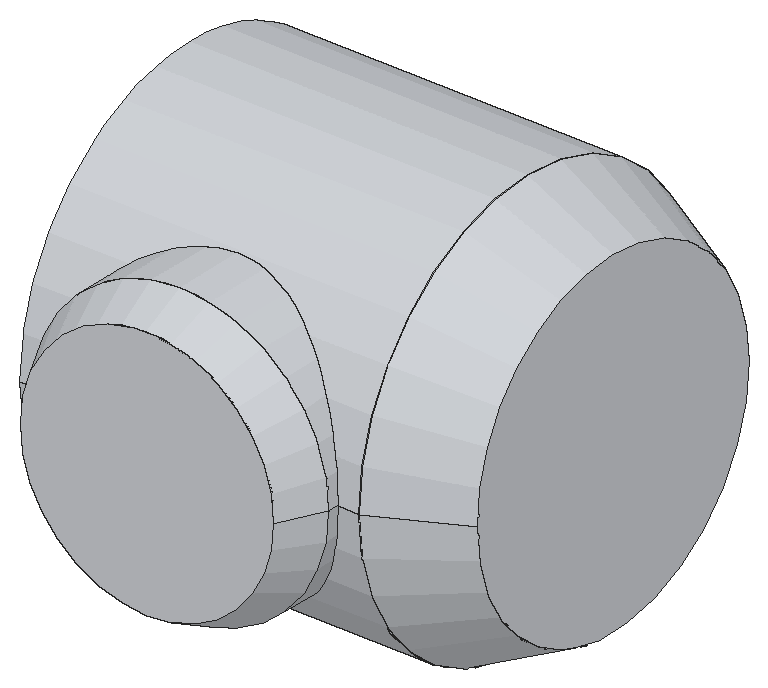
Revit family "M_Round Tee with Transition - Straight Conical", category Duct Fittings, Revit 2014
Parameters (values of type "Standard")
  built-in parameter 1114242 [instance] = (empty or 0)
  Length 2 [instance] = 12.5 mm  # constant formula
  Duct Radius 4 [instance] = 0.5 * Duct Diameter 4  # 175 mm
  Duct Radius 3 [instance] = 150 mm
  Duct Radius 2 [instance] = 200 mm
  Duct Radius 1 [instance] = 250 mm
  Duct Length 4 [instance] = Duct Radius 1 + Length 2  # 262.5 mm
  Duct Length 3 [instance] = if(2 * abs(Duct Radius 3 - Duct Radius 4) > 300 mm, 300 mm, if(2 * abs(Duct Radius 3 - Duct Radius 4) < 25 mm, 25 mm, 2 * abs(Duct Radius 3 - Duct Radius 4)))  # 50 mm
  Duct Length 2 [instance] = if(2 * abs(Duct Radius 1 - Duct Radius 2) > 300 mm, 300 mm, if(2 * abs(Duct Radius 1 - Duct Radius 2) < 25 mm, 25 mm, 2 * abs(Duct Radius 1 - Duct Radius 2)))  # 100 mm
  Duct Length 1 [instance] = Duct Radius 4 + 25 mm  # 200 mm
  Duct Diameter 4 [instance] = Duct Diameter 3 + 50 mm  # 350 mm
  Duct Diameter 3 [instance] = Duct Radius 3 * 2  # 300 mm
  Duct Diameter 2 [instance] = Duct Radius 2 * 2  # 400 mm
  Duct Diameter 1 [instance] = Duct Radius 1 * 2  # 500 mm
  Assembly Code = ""
  Angle [instance] = 18.00°
Reference planes
  plane 1 "Center (Front/Back)": y = 0
  plane 2: z = 0
  plane 3 "Center (Left/Right)": x = 0
  plane 4: x = -200
  plane 5 "Duct Length 1": x = 200
  plane 6: x = 300
  plane 7: z = 250
  plane 8 "Duct Radius 1 - Duct Radius 3": z = 100
  plane 9: y = -312.5
  plane 10 "Duct Radius 1": y = -250
  plane 11: y = -262.5
Forms (mm)
  Sweep 1, solid, detail levels medium+fine
    path in 3D
      loop
        line (-200, 0, 100) -> (200, 0, 100)
    profile origin (0, 0, 100) x (0, 1, 0) y (0, 0, 1)
      loop
        circle (0, -100) r 250
  Blend 2, solid, detail levels medium+fine
    base sketch origin (200, 1222.925, 1219.2) x (0, 1, 0) y (0, 0, 1)
      loop
        circle (-1222.925, -1219.2) r 250
    top sketch origin (200, 1222.925, 1219.2) x (0, 1, 0) y (0, 0, 1)
      loop
        circle (-1222.925, -1219.2) r 200
    from 0 to 100
  Extrusion 3, solid, detail levels medium+fine
    sketch origin (200, 1222.925, 1219.2) x (0, 1, 0) y (0, 0, 1)
      loop
        circle (-1222.925, -1219.2) r 3.175
    from 0 to 100
  Extrusion 4, solid, detail levels medium+fine
    sketch origin (0, 0, 0) x (1, 0, 0) y (0, 0, 1)
      loop
        circle (0, 0) r 3.175
    from 0 to 312.5
  Sweep 5, solid, detail levels medium+fine
    path in 3D
      loop
        line (0, 0, 0) -> (0, -262.5, 0)
    profile origin (0, -131.25, 0) x (1, 0, 0) y (0, 0, 1)
      loop
        circle (0, 0) r 175
  Blend 6, solid, detail levels medium+fine
    base sketch origin (-383.476, -262.5, 1219.2) x (-1, 0, 0) y (0, 0, 1)
      loop
        circle (-383.476, -1219.2) r 175
    top sketch origin (-383.476, -262.5, 1219.2) x (-1, 0, 0) y (0, 0, 1)
      loop
        circle (-383.476, -1219.2) r 150
    from 0 to -50
Cuts and joins
  joined: Sweep 1, Extrusion 4, Sweep 5, Blend 6
  joined: Blend 2, Extrusion 3
Lines and regions (mm)
  reference lines
    curve 1: line (-200, 0, 100) -> (200, 0, 100)
    curve 3: line (200, 0, 100) -> (300, 0, 100)
    curve 7: line (0, 0, 0) -> (0, -262.5, 0)
  sketch lines
    curve 2: line (-200, 0, 100) -> (200, 0, 100)
    curve 8: line (0, 0, 0) -> (0, -262.5, 0)
  model lines, detail levels coarse
    curve 4: line (-200, 0, 0) -> (0, 0, 0)
    curve 5: line (0, 0, 0) -> (300, 0, 0)
    curve 6: line (0, 0, 0) -> (0, -312.5, 0)
Dimensions and locks
  "Duct Radius 1": plane 7 to plane 2
  "Duct Radius 3": plane 7 to plane 8 "Duct Radius 1 - Duct Radius 3"
  "Duct Length 1": plane 4 to plane 3 "Center (Left/Right)"
  "Duct Length 1": plane 3 "Center (Left/Right)" to plane 5 "Duct Length 1"
  "Duct Radius 1": plane 10 "Duct Radius 1" to plane 1 "Center (Front/Back)"
  "Duct Length 2": plane 5 "Duct Length 1" to plane 6
  "Duct Length 4": plane 11 to plane 1 "Center (Front/Back)"
  "Duct Length 3": plane 11 to plane 9
  "Duct Radius 1": radius of Sweep 1 sketch curve
  "Duct Radius 1": radius of Blend 2 sketch curve
  "Duct Radius 2": radius of Blend 2 sketch curve
  "Duct Radius 4": radius of Sweep 5 sketch curve
  "Duct Radius 4": radius of Blend 6 sketch curve
  "Duct Radius 3": radius of Blend 6 sketch curve
  aligned and locked: plane 4 to curve 1
  aligned and locked: plane 1 "Center (Front/Back)" to curve 1
  aligned and locked: plane 1 "Center (Front/Back)" to Sweep 1 sketch curve
  aligned and locked: plane 2 to Sweep 1 sketch curve
  aligned and locked: plane 1 "Center (Front/Back)" to Blend 2 sketch curve  (x2)
  aligned and locked: plane 2 to Blend 2 sketch curve  (x2)
  aligned and locked: plane 6 to Blend 2
  aligned and locked: plane 5 "Duct Length 1" to curve 3
  aligned and locked: plane 6 to curve 3
  aligned and locked: plane 1 "Center (Front/Back)" to curve 3
  aligned and locked: plane 1 "Center (Front/Back)" to Extrusion 3 sketch curve
  aligned and locked: plane 2 to Extrusion 3 sketch curve
  aligned and locked: Extrusion 3 to plane 5 "Duct Length 1"
  aligned and locked: plane 6 to Extrusion 3
  aligned and locked: plane 3 "Center (Left/Right)" to Extrusion 4 sketch curve
  aligned and locked: plane 2 to Extrusion 4 sketch curve
  aligned and locked: Extrusion 4 to plane 9
  aligned and locked: Extrusion 4 to plane 1 "Center (Front/Back)"
  aligned and locked: plane 1 "Center (Front/Back)" to curve 4
  aligned and locked: plane 6 to curve 5
  aligned and locked: plane 1 "Center (Front/Back)" to curve 6
  aligned and locked: plane 9 to curve 6
  aligned and locked: curve 6 to plane 3 "Center (Left/Right)"
  aligned and locked: plane 1 "Center (Front/Back)" to curve 7
  aligned and locked: plane 11 to curve 7
  aligned and locked: curve 7 to plane 3 "Center (Left/Right)"
  aligned and locked: plane 3 "Center (Left/Right)" to Sweep 5 sketch curve
  aligned and locked: plane 2 to Sweep 5 sketch curve
  aligned and locked: plane 3 "Center (Left/Right)" to Blend 6 sketch curve  (x2)
  aligned and locked: plane 2 to Blend 6 sketch curve  (x2)
  aligned and locked: Blend 6 to plane 9
  aligned and locked: plane 5 "Duct Length 1" to Extrusion 3
Automatic sketch dimensions
  curve 4 to plane 4 = 0 mm
  radius of Extrusion 4 sketch curve = 3.175 mm
  radius of Extrusion 3 sketch curve = 3.175 mm
Connectors
  hvac at (-200, 0, 0), driven by "Duct Radius 1"
    settings: on Sweep 1, index 1, duct flow 0.0 L/s, flow factor 0, pres drop 0.0 Pa, loss coef 0, conn angle 0.00°, conn width 304.8 mm, conn height 304.8 mm, conn diameter 500 mm, duct sys type 28, conn prof type 0, flow config 0, flow direction 0, loss method 0, conn ref index 2, conn util no, is conn primary yes, conn desc ""
  hvac at (300, 0, 0), driven by "Duct Radius 2"
    settings: on Extrusion 3, index 2, duct flow 0.0 L/s, flow factor 0, pres drop 0.0 Pa, loss coef 0, conn angle 0.00°, conn width 304.8 mm, conn height 304.8 mm, conn diameter 400 mm, duct sys type 28, conn prof type 0, flow config 0, flow direction 0, loss method 0, conn ref index 1, conn util no, is conn primary no, conn desc ""
  hvac at (0, -312.5, 0), driven by "Duct Radius 3"
    settings: on Extrusion 4, index 3, duct flow 0.0 L/s, flow factor 0, pres drop 0.0 Pa, loss coef 0, conn angle 0.00°, conn width 304.8 mm, conn height 304.8 mm, conn diameter 300 mm, duct sys type 28, conn prof type 0, flow config 0, flow direction 0, loss method 0, conn ref index -1, conn util no, is conn primary no, conn desc ""
